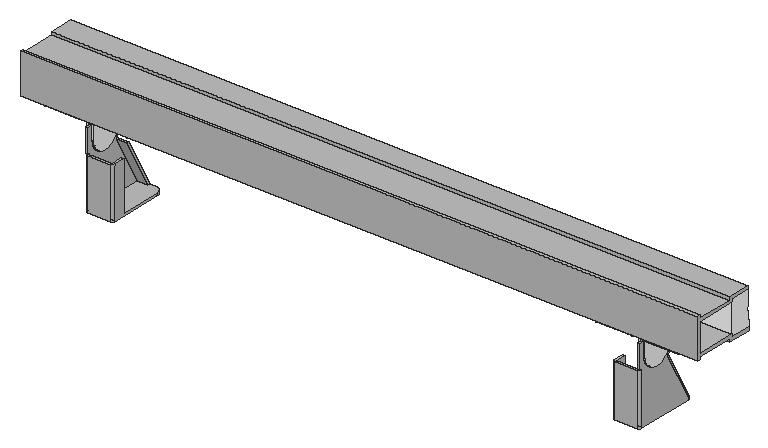
Revit family "4070751+4070746+4070771 Feilo Sylvania Lighting Fixture CURSUS 591MM 414LM OVAL LED 3K with CONTINUOUS WALL HOUSING with 70MM WALL BRACKET", category Lighting Fixtures, host Face, Revit 2017
Family settings
  Host = Face
  Round Connector Dimension = Use Diameter
  Part Type = Normal
  OmniClass Number = 23.80.70.14
  OmniClass Title = Luminaries for External Lighting
  Cut with Voids When Loaded = Yes
  Light Source = No
  Shared = No
  Room Calculation Point = No
Parameters (values of type "4070751 CURSUS 591MM 414LM OVAL LED 3K")
  Weight = "1.2 kg"
  Wattage Comments = "n/a"
  WarrantyStartDate [instance] = "n/a"
  WarrantyGuarantorParts = "n/a"
  WarrantyDurationUnit = "n/a"
  WarrantyDurationParts = "n/a"
  WarrantyDescription = "n/a"
  Voltage = 24 V
  URL = "http://www.sylvania-lighting.com"
  TypeName = "CURSUS 591MM 414LM OVAL LED 3K"
  TypeFixture_FEILO = CURSUS with CONTINUOUS WALL HOUSING : CURSUS 591MM 414LM OVAL LED 3K
  Type Image = <None>
  Type Comments = "n/a"
  TiltAngle [instance] = 0.00°
  StartAngle [instance] = TiltAngle + 270.00°  # 270.00°
  SerialNumber [instance] = "n/a"
  ReflectorMaterial = none
  PowerFactor = 0
  PowerConsumption = "9 W"
  NominalLength = 591 mm
  NominalHeight = 50 mm
  NominalDepth = 30 mm
  Name = "CURSUS 591MM 414LM OVAL LED 3K"
  ModelReference = Name  # "CURSUS 591MM 414LM OVAL LED 3K"
  ModelNumber = "4070751"
  Model = Name  # "CURSUS 591MM 414LM OVAL LED 3K"
  Material = "natural anodised extruded aluminium structure housing, optical system with pmma lenses diffuser"
  ManufacturerName = "Feilo Sylvania"
  Manufacturer = "Feilo Sylvania"
  LuminousEfficacy = "46 lm/W"
  LuminaireType = ""
  LightOutputRatio = "100"
  LampsType = Lamp  # "LED"
  LampNominalLuminous = "414 lm"
  LampMacAdamStep = "n/a"
  LampColourTemperature = "3000 K"
  LampColourRenderingIndex = "80"
  Lamp = "LED"
  Keynote = "16500"
  InstallationDate [instance] = "n/a"
  InputVoltage = "24V DC"
  InputNominalFrequency = "n/a"
  IngressProtection = "IP67"
  ImpactProtectionIndex = "IK07"
  IfcExportType = "IfcLightFixtureType"
  IfcExportAs = "IfcLightFixtureType"
  ExpectedLife = 50000
  EndAngle [instance] = StartAngle - 180.00°  # 90.00°
  ElectricShockClassification = "Class III"
  DurationUnit = "hours"
  DocumentationLiterature = "http://www.sylvania-lighting.com/product/en-int/products/4070751"
  DimmingControlOptions = "n/a"
  DiffuserMaterial = Diffuser-Sylvania-Glow
  Description = "LED Exterior Lighting Recessed Surface Mounted Linear Fixture, Natural anodised extruded aluminium structure. Die-cast aluminium end caps. Installation kit with harmonic steel springs., 414 lm, 9W, 46lm/W, 3000K, CRI80+,non dimmable,IP67, IK07, (HxWxD) 591x50x30mm, 3 step Mac Adam Ellipse, 1.2kg,, Classe III, 21-25V-DC, energy class : A++, A+, A"
  Default Elevation = 1219.2 mm
  CreatedOn = "1/8/2018"
  CreatedBy = ""
  Cost = 0
  built-in parameter 1114216 [instance] = (empty or 0)
  ClassificationValue = "EF_70_80"
  ClassificationName = "Uniclass2015"
  BracketWidth = 24 mm
  BracketThickness = 2 mm
  BracketHeightEnd = 32 mm
  BracketHeight = 55 mm
  BracketFlange = BracketHeight / 5  # 11 mm
  BracketExtension = 70 mm
  BracketEndReduction = 25 mm
  BracketC = 22 mm  # constant formula
  BracketDistance = 460 mm
  BracketD = BracketHeightEnd - (BracketC * (BracketHeight - BracketHeightEnd) / (BracketExtension - BracketEndReduction))  # 20.756 mm
  BodyMaterial = Body-Sylvania-Gray
  BarCode [instance] = "n/a"
  AssetType = "Fixed"
  AssetIdentifier [instance] = "n/a"
  Assembly Code = "D5020200"
  Apparent Load = 9 VA
  AccessoryMaterial = Diffuser-Sylvania-Glow
Reference planes
  plane 1 "Center (Front/Back)": y = 0
  plane 2: z = 0
  plane 3 "Center (Left/Right)": x = 0
  plane 4: x = -242
  plane 5: x = 242
  plane 6: y = 55
  plane 7: x = -218
  plane 8: x = 218
  plane 9: z = 70
  plane 10: z = 56
  plane 11: z = 2
  plane 12: z = 45
  plane 13: x = -240
  plane 14: y = 53
  plane 15: y = 2
  plane 16: x = -220
  plane 17: x = 220
  plane 18: x = 240
  plane 19: x = -230
  plane 20: x = 230
  plane 21: y = 11
  plane 22: y = 32
  plane 23: y = 30
  plane 24: z = 67
  plane 25: y = 20.756
  plane 26: y = 16
Forms (mm)
  Blend 1, solid, material "Body-Sylvania-Gray" <- "BodyMaterial"
    base sketch origin (1223.4, -4572, 2) x (0, -1, 0) y (1, 0, 0)
      loop
        line (-4625, -1453.4) -> (-4627, -1453.4) -> (-4627, -1463.4)
        arc (-4627, -1463.4) -> (-4626.414, -1464.814) -> (-4625, -1465.4) r 2
        line (-4625, -1465.4) -> (-4574, -1465.4)
        arc (-4574, -1465.4) -> (-4572.586, -1464.814) -> (-4572, -1463.4) r 2
        line (-4572, -1463.4) -> (-4572, -1443.4)
        arc (-4572, -1443.4) -> (-4572.586, -1441.986) -> (-4574, -1441.4) r 2
        line (-4574, -1441.4) -> (-4583, -1441.4) -> (-4583, -1443.4) -> (-4574, -1443.4) -> (-4574, -1463.4) -> (-4625, -1463.4) -> (-4625, -1453.4)
    top sketch origin (1223.4, -4572, 2) x (0, -1, 0) y (1, 0, 0)
      loop
        line (-4583, -1443.4) -> (-4574, -1443.4) -> (-4574, -1463.4) -> (-4602, -1463.4) -> (-4602, -1453.4) -> (-4604, -1453.4) -> (-4604, -1463.4)
        arc (-4604, -1463.4) -> (-4603.52, -1464.71) -> (-4602.309, -1465.4) r 2.028
        line (-4602.309, -1465.4) -> (-4574, -1465.4)
        arc (-4574, -1465.4) -> (-4572.586, -1464.814) -> (-4572, -1463.4) r 2
        line (-4572, -1463.4) -> (-4572, -1443.4)
        arc (-4572, -1443.4) -> (-4572.586, -1441.986) -> (-4574, -1441.4) r 2
        line (-4574, -1441.4) -> (-4583, -1441.4) -> (-4583, -1443.4)
    from 0 to 43
  Extrusion 2, solid, material "Body-Sylvania-Gray" <- "BodyMaterial"
    sketch origin (0, 0, 0) x (1, 0, 0) y (0, 1, 0)
      loop
        arc (-240, 55) -> (-241.414, 54.414) -> (-242, 53) r 2
        line (-242, 53) -> (-242, 2)
        arc (-242, 2) -> (-241.414, 0.586) -> (-240, 0) r 2
        line (-240, 0) -> (-220, 0)
        arc (-220, 0) -> (-218.586, 0.586) -> (-218, 2) r 2
        line (-218, 2) -> (-218, 47.5)
        arc (-218, 47.5) -> (-220.197, 52.803) -> (-225.5, 55) r 7.5
        line (-225.5, 55) -> (-240, 55)
      loop
        line (240, 55) -> (225.5, 55)
        arc (225.5, 55) -> (220.197, 52.803) -> (218, 47.5) r 7.5
        line (218, 47.5) -> (218, 2)
        arc (218, 2) -> (218.586, 0.586) -> (220, 0) r 2
        line (220, 0) -> (240, 0)
        arc (240, 0) -> (241.414, 0.586) -> (242, 2) r 2
        line (242, 2) -> (242, 53)
        arc (242, 53) -> (241.414, 54.414) -> (240, 55) r 2
    from 0 to 2
  Blend 3, solid, material "Body-Sylvania-Gray" <- "BodyMaterial"
    base sketch origin (1223.4, -4572, 2) x (0, -1, 0) y (1, 0, 0)
      loop
        line (-4625, -983.4) -> (-4574, -983.4) -> (-4574, -1003.4) -> (-4583, -1003.4) -> (-4583, -1005.4) -> (-4574, -1005.4)
        arc (-4574, -1005.4) -> (-4572.586, -1004.814) -> (-4572, -1003.4) r 2
        line (-4572, -1003.4) -> (-4572, -983.4)
        arc (-4572, -983.4) -> (-4572.586, -981.986) -> (-4574, -981.4) r 2
        line (-4574, -981.4) -> (-4625, -981.4)
        arc (-4625, -981.4) -> (-4626.414, -981.986) -> (-4627, -983.4) r 2
        line (-4627, -983.4) -> (-4627, -993.4) -> (-4625, -993.4) -> (-4625, -983.4)
    top sketch origin (1223.4, -4572, 2) x (0, -1, 0) y (1, 0, 0)
      loop
        line (-4602, -993.4) -> (-4602, -983.4) -> (-4574, -983.4) -> (-4574, -1003.4) -> (-4583, -1003.4) -> (-4583, -1005.4) -> (-4574, -1005.4)
        arc (-4574, -1005.4) -> (-4572.586, -1004.814) -> (-4572, -1003.4) r 2
        line (-4572, -1003.4) -> (-4572, -983.4)
        arc (-4572, -983.4) -> (-4572.586, -981.986) -> (-4574, -981.4) r 2
        line (-4574, -981.4) -> (-4602, -981.4)
        arc (-4602, -981.4) -> (-4603.414, -981.986) -> (-4604, -983.4) r 2
        line (-4604, -983.4) -> (-4604, -993.4) -> (-4602, -993.4)
    from 0 to 43
  Blend 4, solid, material "Body-Sylvania-Gray" <- "BodyMaterial"
    base sketch origin (1223.4, -4572, 45) x (0, -1, 0) y (1, 0, 0)
      loop
        line (-4604, -1465.4) -> (-4572, -1465.4) -> (-4572, -1463.4) -> (-4604, -1463.4) -> (-4604, -1465.4)
    top sketch origin (1223.4, -4572, 45) x (0, -1, 0) y (1, 0, 0)
      loop
        line (-4572, -1465.4) -> (-4572, -1463.4) -> (-4592.756, -1463.4) -> (-4592.756, -1465.4) -> (-4572, -1465.4)
    from 0 to 22
  Blend 5, solid, material "Body-Sylvania-Gray" <- "BodyMaterial"
    base sketch origin (1223.4, -4572, 45) x (0, -1, 0) y (1, 0, 0)
      loop
        line (-4604, -983.4) -> (-4572, -983.4) -> (-4572, -981.4) -> (-4604, -981.4) -> (-4604, -983.4)
    top sketch origin (1223.4, -4572, 45) x (0, -1, 0) y (1, 0, 0)
      loop
        line (-4572, -981.4) -> (-4592.756, -981.4) -> (-4592.756, -983.4) -> (-4572, -983.4) -> (-4572, -981.4)
    from 0 to 22
  Extrusion 6, void
    sketch origin (0, 0, 0) x (0, 1, 0) y (0, 0, 1)
      loop
        line (0, 45) -> (2, 45) -> (2, 46.5) -> (0, 46.5) -> (0, 45)
      loop
        line (32, 45) -> (32, 46.5) -> (30, 46.5) -> (30, 45) -> (32, 45)
    from -242 to 242
  Revolve 7, solid, not visible
    sketch origin (1524, 16, 1219.2) x (1, 0, 0) y (0, 0, 1)
      loop
        line (-1524, -1152.2) -> (-1524, -1163.2) -> (-1294, -1163.2) -> (-1294, -1152.2) -> (-1524, -1152.2)
      axis (-1294, -1163.2) -> (-1524, -1163.2)
    angle from 270 <- "StartAngle" to 90 <- "EndAngle"
Cuts and joins
  Extrusion 6 cuts Blend 4
  Extrusion 6 cuts Blend 5
  joined: Blend 1, Extrusion 2, Blend 3, Blend 4, Blend 5
Lines and regions (mm)
  reference lines, not visible
    curve 1: line (-218, 16, 56) -> (218, 16, 56)
Dimensions and locks
  equal spacing: plane 4, plane 3 "Center (Left/Right)", plane 5
  "BracketDistance": plane 19 to plane 20
  "BracketHeight": plane 1 "Center (Front/Back)" to plane 6
  equal spacing: plane 7, plane 3 "Center (Left/Right)", plane 8
  "BracketWidth": plane 4 to plane 7
  "BracketExtension": plane 9 to plane 2
  "BracketThickness": plane 11 to plane 2
  "BracketEndReduction": plane 9 to plane 12
  equal spacing: plane 13, plane 3 "Center (Left/Right)", plane 18
  equal spacing: plane 16, plane 3 "Center (Left/Right)", plane 17
  "BracketThickness": plane 4 to plane 13
  "BracketThickness": plane 16 to plane 7
  "BracketThickness": plane 14 to plane 6
  "BracketThickness": plane 1 "Center (Front/Back)" to plane 15
  equal spacing: plane 4, plane 19, plane 7
  equal spacing: plane 8, plane 20, plane 5
  "BracketFlange": plane 1 "Center (Front/Back)" to plane 21
  "BracketHeightEnd": plane 1 "Center (Front/Back)" to plane 22
  "BracketThickness": plane 23 to plane 22
  locked: Extrusion 2 sketch curve to plane 7 at 7.5
  locked: Extrusion 2 sketch curve to plane 6 at 7.5  (x2)
  locked: plane 8 to Extrusion 2 sketch curve at 7.5
  "BracketC": plane 24 to plane 12
  "BracketD": plane 1 "Center (Front/Back)" to plane 25
  locked: plane 12 to Extrusion 6 sketch curve at 1.5
  equal spacing: plane 24, plane 10, plane 12
  equal spacing: plane 1 "Center (Front/Back)", plane 26, plane 22
  aligned and locked: plane 2 to host face
  aligned and locked: level to host face
  aligned and locked: plane 4 to Blend 1 sketch curve  (x2)
  aligned and locked: plane 13 to Blend 1 sketch curve  (x3)
  aligned and locked: Blend 1 sketch curve to plane 15
  aligned and locked: Blend 1 sketch curve to plane 16
  aligned and locked: Blend 1 sketch curve to plane 21
  aligned and locked: plane 7 to Blend 1 sketch curve
  aligned and locked: plane 16 to Blend 1 sketch curve
  aligned and locked: plane 1 "Center (Front/Back)" to Blend 1 sketch curve
  aligned and locked: plane 14 to Blend 1 sketch curve
  aligned and locked: Blend 1 sketch curve to var sketch  (x6)
  aligned and locked: Blend 1 sketch curve to plane 19
  aligned and locked: Blend 1 sketch curve to plane 22
  aligned and locked: plane 23 to Blend 1 sketch curve
  aligned and locked: plane 11 to Blend 1
  aligned and locked: Extrusion 2 sketch curve to Blend 1  (x3)
  aligned and locked: Extrusion 2 to level
  aligned and locked: Extrusion 2 to plane 11
  aligned and locked: Extrusion 2 sketch curve to plane 7
  aligned and locked: plane 18 to Blend 3 sketch curve  (x4)
  aligned and locked: plane 14 to Blend 3 sketch curve  (x2)
  aligned and locked: Blend 3 sketch curve to plane 20
  aligned and locked: Blend 3 sketch curve to plane 6
  aligned and locked: plane 5 to Blend 3 sketch curve
  aligned and locked: plane 1 "Center (Front/Back)" to Blend 3 sketch curve
  aligned and locked: plane 15 to Blend 3 sketch curve  (x2)
  aligned and locked: Blend 3 sketch curve to plane 8
  aligned and locked: Blend 3 sketch curve to plane 21
  aligned and locked: plane 17 to Blend 3 sketch curve
  aligned and locked: Blend 3 sketch curve to plane 18
  aligned and locked: plane 20 to Blend 3 sketch curve  (x2)
  aligned and locked: Blend 3 sketch curve to plane 23
  aligned and locked: Blend 3 sketch curve to var sketch  (x8)
  aligned and locked: var sketch to Blend 3 sketch curve
  aligned and locked: plane 22 to Blend 3 sketch curve
  aligned and locked: plane 11 to Blend 3
  aligned and locked: Extrusion 2 sketch curve to Blend 3  (x4)
  aligned and locked: Blend 1 to plane 12
  aligned and locked: Blend 3 to plane 12
  aligned and locked: Blend 4 sketch curve to plane 22
  aligned and locked: Blend 4 sketch curve to cut or joined group of Blend 1, Extrusion 2, Blend 3, Blend 4, Blend 5, Extrusion 6  (x2)
  aligned and locked: cut or joined group of Blend 1, Extrusion 2, Blend 3, Blend 4, Blend 5, Extrusion 6 to Blend 4 sketch curve
  aligned and locked: Blend 4 sketch curve to var sketch  (x2)
  aligned and locked: Blend 4 sketch curve to plane 13
  aligned and locked: Blend 4 to plane 24
  aligned and locked: Blend 4 sketch curve to plane 25
  aligned and locked: Blend 5 sketch curve to plane 18  (x2)
  aligned and locked: plane 1 "Center (Front/Back)" to Blend 5 sketch curve
  aligned and locked: plane 5 to Blend 5 sketch curve
  aligned and locked: plane 22 to Blend 5 sketch curve
  aligned and locked: Blend 5 sketch curve to var sketch
  aligned and locked: var sketch to Blend 5 sketch curve
  aligned and locked: Blend 5 sketch curve to plane 25
  aligned and locked: Blend 5 to plane 24
  aligned and locked: plane 12 to Blend 5
  aligned and locked: Extrusion 6 sketch curve to cut or joined group of Blend 1, Extrusion 2, Blend 3, Blend 4, Blend 5, Extrusion 6  (x2)
  aligned and locked: Extrusion 6 sketch curve to Extrusion 6 sketch curve
  aligned and locked: Extrusion 6 sketch curve to plane 15
  aligned and locked: plane 5 to Extrusion 6
  aligned and locked: Extrusion 6 to plane 4
  aligned and locked: Extrusion 6 sketch curve to plane 23
  aligned and locked: Revolve 7 sketch curve to plane 10  (x2)
  aligned and locked: plane 24 to Revolve 7 sketch curve
  aligned and locked: plane 3 "Center (Left/Right)" to Revolve 7 sketch curve
  aligned and locked: Revolve 7 sketch curve to plane 20
  aligned and locked: plane 7 to curve 1
  aligned and locked: plane 10 to curve 1
  aligned and locked: nested 1 to plane 5
  aligned and locked: nested 2 to plane 4
  aligned and locked: nested 1 to curve 1
  aligned and locked: nested 2 to curve 1
  aligned and locked: nested 1 to nested 3
  aligned and locked: nested 3 to plane 3 "Center (Left/Right)"
Automatic sketch dimensions
  host sketch curve to host sketch curve = 2438.4 mm  (x2)
  Blend 1 sketch curve to plane 13 = 0 mm
  plane 15 to Blend 1 sketch curve = 0 mm  (x3)
  Blend 1 sketch curve to plane 23 = 0.309 mm
  plane 6 to Blend 1 sketch curve = 0 mm
  plane 14 to Blend 1 sketch curve = 0 mm
  Blend 1 sketch curve to plane 19 = 0 mm
  Blend 3 sketch curve to plane 17 = 0 mm
  Extrusion 6 sketch curve to plane 1 "Center (Front/Back)" = 0 mm
  plane 12 to Extrusion 6 sketch curve = 0 mm
  Revolve 7 sketch curve to plane 4 = 1153 mm
  plane 5 to Revolve 7 sketch curve = 1161.4 mm
  curve 1 to plane 8 = 0 mm
Nested families
  nested 1: "MountingPlate" at (241, 16, 56) x (-1, 0, 0) z (0, 0, 1), type "MountingPlate"
  nested 2: "MountingPlate" at (-241, 16, 56) x (-1, 0, 0) z (0, 0, 1), type "MountingPlate"
  nested 3: "CURSUS with CONTINUOUS WALL HOUSING" at (0, -4, 74) x (-1, 0, 0) z (0, 0, 1), type <- "TypeFixture_FEILO", type "CURSUS 591MM 414LM OVAL LED 3K"
    with WarrantyStartDate "n/a", SerialNumber "n/a", InstallationDate "n/a", EndCapRight no, EndCapLeft no, built-in parameter 1114216 (empty or 0), BarCode "n/a", AssetIdentifier "n/a"
Connectors
  electrical at (0, 0, 0), driven by "Voltage", driven by "Apparent Load", driven by "PowerFactor", driven by "Apparent Load"
    settings: index 1, voltage 24 V, apparent load 9 VA, apparent load phase1 9 VA, apparent load phase2 0 VA, apparent load phase3 0 VA, power factor 0, load classification "Other", number of poles 1, system type 30, power factor state 1, is connector primary yes, connector utility no, sub classification motor no, connector description ""
Definition of nested family "MountingPlate"
  Parameters (values of type "MountingPlate")
    URL = "http://www.feilosylvania.com"
    Type Comments = "n/a"
    ReflectorMaterial = none
    MountingPlateWidth = 76 mm
    MountingPlateThickness = 2 mm
    MountingPlateRadiusBack = 12 mm
    MountingPlateRadius = 3 mm
    MountingPlateHeight = 35 mm
    Model = "n/a"
    Manufacturer = "Feilo Sylvania"
    Keynote = "n/a"
    DiffuserMaterial = none
    Description = "n/a"
    Default Elevation = 1219.2 mm
    Cost = 0
    BodyMaterial = none
    Assembly Code = "n/a"
    AccessoryMaterial = none
  Reference planes
    plane 1 "Center (Front/Back)": y = 0
    plane 2: z = 0
    plane 3 "Center (Left/Right)": x = 0
    plane 4: x = -38
    plane 5: x = 38
    plane 6: y = 17.5
    plane 7: y = -17.5
    plane 8: x = -3
    plane 9: x = 3
    plane 10: z = 18
    plane 11: z = 16
    plane 12: y = 12.5
    plane 13: y = -12.5
    plane 14: x = -1
    plane 15: x = 1
    plane 16: z = -12.5
    plane 17: z = -14.5
  Forms (mm)
    Extrusion 1, solid
      sketch origin (1.653, 0, 0) x (1, 0, 0) y (0, 1, 0)
        loop
          line (-1219.2, 1219.2) -> (-1219.2, -1219.2) -> (1219.2, -1219.2) -> (1219.2, 1219.2) -> (-1219.2, 1219.2)
      from 0 to -304.8
    Extrusion 2, solid, material <- "BodyMaterial"
      sketch origin (1218.4, -4572, 16) x (0, -1, 0) y (-1, 0, 0)
        loop
          line (-4589.5, 1253.4) -> (-4589.5, 1224.4)
          arc (-4589.5, 1224.4) -> (-4588.621, 1222.279) -> (-4586.5, 1221.4) r 3
          line (-4586.5, 1221.4) -> (-4557.5, 1221.4)
          arc (-4557.5, 1221.4) -> (-4555.379, 1222.279) -> (-4554.5, 1224.4) r 3
          line (-4554.5, 1224.4) -> (-4554.5, 1253.4)
          arc (-4554.5, 1253.4) -> (-4555.379, 1255.521) -> (-4557.5, 1256.4) r 3
          line (-4557.5, 1256.4) -> (-4586.5, 1256.4)
          arc (-4586.5, 1256.4) -> (-4588.621, 1255.521) -> (-4589.5, 1253.4) r 3
        loop
          arc (-4589.5, 1183.4) -> (-4588.621, 1181.279) -> (-4586.5, 1180.4) r 3
          line (-4586.5, 1180.4) -> (-4557.5, 1180.4)
          arc (-4557.5, 1180.4) -> (-4555.379, 1181.279) -> (-4554.5, 1183.4) r 3
          line (-4554.5, 1183.4) -> (-4554.5, 1212.4)
          arc (-4554.5, 1212.4) -> (-4555.379, 1214.521) -> (-4557.5, 1215.4) r 3
          line (-4557.5, 1215.4) -> (-4586.5, 1215.4)
          arc (-4586.5, 1215.4) -> (-4588.621, 1214.521) -> (-4589.5, 1212.4) r 3
          line (-4589.5, 1212.4) -> (-4589.5, 1183.4)
      from 0 to -2
    Extrusion 3, solid, material <- "BodyMaterial"
      sketch origin (0, 0, 0) x (1, 0, 0) y (0, 0, 1)
        loop
          line (-3, 18) -> (-3, -12.5) -> (-1, -12.5) -> (-1, 16)
          arc (-1, 16) -> (-1.586, 17.414) -> (-3, 18) r 2
        loop
          line (3, -12.5) -> (3, 18)
          arc (3, 18) -> (1.586, 17.414) -> (1, 16) r 2
          line (1, 16) -> (1, -12.5) -> (3, -12.5)
      from -12.5 to 12.5
    Extrusion 4, void
      sketch origin (0, 0, 0) x (0, 1, 0) y (0, 0, 1)
        loop
          line (-12.5, -0.5) -> (-17.5, -0.5) -> (-17.5, -14.5) -> (-0.5, -14.5) -> (-0.5, -12.5)
          arc (-0.5, -12.5) -> (-8.985, -8.985) -> (-12.5, -0.5) r 12
        loop
          line (0.5, -12.5) -> (0.5, -14.5) -> (17.5, -14.5) -> (17.5, -0.5) -> (12.5, -0.5)
          arc (12.5, -0.5) -> (8.985, -8.985) -> (0.5, -12.5) r 12
      from -3 to 3
  Cuts and joins
    Extrusion 4 cuts Extrusion 2
    Extrusion 4 cuts Extrusion 3
    joined: Extrusion 2, Extrusion 3
  Lines and regions (mm)
    reference lines
      curve 1: line (-38, 0, 0) -> (38, 0, 0)
  Dimensions and locks
    equal spacing: plane 4, plane 3 "Center (Left/Right)", plane 5
    "MountingPlateWidth": plane 4 to plane 5
    equal spacing: plane 7, plane 1 "Center (Front/Back)", plane 6
    "MountingPlateHeight": plane 7 to plane 6
    equal spacing: plane 8, plane 3 "Center (Left/Right)", plane 9
    "MountingPlateHeight": plane 4 to plane 8
    locked: plane 10 to plane 2 at 18
    "MountingPlateThickness": plane 10 to plane 11
    equal spacing: plane 13, plane 1 "Center (Front/Back)", plane 12
    locked: plane 13 to plane 12 at 25
    "MountingPlateRadius": plane 4 to Extrusion 2 sketch curve  (x2)
    "MountingPlateRadius": Extrusion 2 sketch curve to plane 6  (x4)
    "MountingPlateRadius": Extrusion 2 sketch curve to plane 8  (x2)
    "MountingPlateRadius": plane 7 to Extrusion 2 sketch curve  (x4)
    "MountingPlateRadius": plane 9 to Extrusion 2 sketch curve  (x2)
    "MountingPlateRadius": Extrusion 2 sketch curve to plane 5  (x2)
    equal spacing: plane 15, plane 3 "Center (Left/Right)", plane 14
    "MountingPlateThickness": plane 14 to plane 8
    locked: plane 2 to plane 16 at 12.5
    locked: plane 17 to plane 16 at 2
    "MountingPlateRadiusBack": plane 13 to Extrusion 4 sketch curve
    "MountingPlateRadiusBack": plane 16 to Extrusion 4 sketch curve  (x2)
    "MountingPlateRadiusBack": Extrusion 4 sketch curve to plane 12
    aligned and locked: plane 2 to Extrusion 1
    aligned and locked: level to Extrusion 1
    aligned and locked: Extrusion 2 sketch curve to plane 6
    aligned and locked: Extrusion 2 sketch curve to plane 4
    aligned and locked: plane 7 to Extrusion 2 sketch curve
    aligned and locked: plane 8 to Extrusion 2 sketch curve
    aligned and locked: plane 6 to Extrusion 2 sketch curve
    aligned and locked: Extrusion 2 sketch curve to plane 5
    aligned and locked: Extrusion 2 sketch curve to plane 7
    aligned and locked: plane 9 to Extrusion 2 sketch curve
    aligned and locked: Extrusion 2 to plane 10
    aligned and locked: plane 11 to Extrusion 2
    aligned and locked: Extrusion 3 sketch curve to Extrusion 2  (x2)
    aligned and locked: plane 16 to Extrusion 3 sketch curve  (x2)
    aligned and locked: plane 14 to Extrusion 3 sketch curve
    aligned and locked: plane 9 to Extrusion 3 sketch curve
    aligned and locked: plane 15 to Extrusion 3 sketch curve
    aligned and locked: Extrusion 3 to plane 12
    aligned and locked: plane 13 to Extrusion 3
    aligned and locked: plane 17 to Extrusion 4 sketch curve  (x2)
    aligned and locked: Extrusion 4 sketch curve to plane 7
    aligned and locked: Extrusion 4 sketch curve to plane 6
    aligned and locked: plane 9 to Extrusion 4
    aligned and locked: Extrusion 4 to plane 8
    aligned and locked: plane 4 to curve 1
    aligned and locked: curve 1 to level
  Automatic sketch dimensions
    Extrusion 1 sketch curve to Extrusion 1 sketch curve = 2438.4 mm  (x2)
    Extrusion 3 sketch curve to plane 11 = 0 mm
    curve 1 to plane 5 = 0 mm
    Extrusion 4 sketch curve to plane 13 = 0 mm
    Extrusion 4 sketch curve to plane 12 = 0 mm
Definition of nested family "CURSUS with CONTINUOUS WALL HOUSING"
  Parameters (values of type "CURSUS 1161MM 827LM OVAL LED 3K")
    Width_FEILO = 35 mm
    Weight = "2.2 kg"
    Wattage Comments = "n/a"
    Wattage = 18 W
    WarrantyStartDate [instance] = "n/a"
    WarrantyGuarantorParts = "n/a"
    WarrantyDurationUnit = "n/a"
    WarrantyDurationParts = "n/a"
    WarrantyDescription = "n/a"
    WallThickness_FEILO = 2.5 mm
    built-in parameter 1150110 = 1 (stored number, unit not read)
    Voltage = 24 V
    URL = "http://www.feilosylvania.com"
    TypeName = "CURSUS 1161MM 827LM OVAL LED 3K"
    Type Image = (empty or 0)
    Type Comments = "n/a"
    built-in parameter 1114217 = 1 (stored number, unit not read)
    Tilt Angle = -90.00°
    built-in parameter 1150109 = 1 (stored number, unit not read)
    built-in parameter 1150134 = (empty or 0)
    built-in parameter 1150113 = 1 (stored number, unit not read)
    SerialNumber [instance] = "n/a"
    ReflectorMaterial = none
    PowerFactor = 0
    PowerConsumption = "18 W"
    Photometric Web File = "4070765.ies"
    NominalLength = 1161 mm
    NominalHeight = 50 mm
    NominalDepth = 30 mm
    Name = "CURSUS 1161MM 827LM OVAL LED 3K"
    ModelReference = Name  # "CURSUS 1161MM 827LM OVAL LED 3K"
    ModelNumber = ""
    Model = Name  # "CURSUS 1161MM 827LM OVAL LED 3K"
    Material = "natural anodised extruded aluminium structure housing, optical system with pmma lenses diffuser"
    ManufacturerName = "Feilo Sylvania"
    Manufacturer = "Feilo Sylvania"
    LuminousEfficacy = "45.94 lm/W"
    built-in parameter 1150105 = 65.811 (stored number, unit not read)
    Lumens = 827 lm
    LuminaireType = ""
    built-in parameter 1150115 = 1 (stored number, unit not read)
    LightOutputRatio = "100"
    built-in parameter 1150137 = (empty or 0)
    built-in parameter 1150139 = (empty or 0)
    Length_FEILO = 1167 mm
    LampsType = Lamp  # "LED"
    LampNominalLuminous = "827 lm"
    LampMacAdamStep = "n/a"
    LampColourTemperature = "3000 K"
    LampColourRenderingIndex = "80"
    built-in parameter 1150112 = 1 (stored number, unit not read)
    built-in parameter 1150114 = 1 (stored number, unit not read)
    Lamp = "LED"
    Keynote = "16500"
    InstallationDate [instance] = "n/a"
    InputVoltage = "24V DC"
    InputNominalFrequency = "n/a"
    built-in parameter 1150132 = (empty or 0)
    built-in parameter 1150102 = (empty or 0)
    built-in parameter 1150107 = 3000 (stored number, unit not read)
    built-in parameter 1150138 = (empty or 0)
    IngressProtection = "IP67"
    ImpactProtectionIndex = "IK07"
    built-in parameter 1150106 = 0.65811 (stored number, unit not read)
    IfcExportType = "IfcLightFixtureType"
    IfcExportAs = "IfcLightFixtureType"
    ExpectedLife = 50000
    EndCapRight [instance] = no
    EndCapLeft [instance] = no
    Emit from Rectangle Width = Width_FEILO - WallThickness_FEILO * 2  # 30 mm
    Emit from Rectangle Length = Length_FEILO - WallThickness_FEILO * 2  # 1162 mm
    Emit Shape Visible in Rendering = no
    ElectricShockClassification = "Class III"
    built-in parameter 1150104 = 4.2684 (stored number, unit not read)
    DurationUnit = "hours"
    DocumentationLiterature = "http://www.feilosylvania.com/product/en-int/products/4070765"
    DimmingControlOptions = "n/a"
    Dimming Lamp Color Temperature Shift = (empty or 0)
    DiffuserMaterial = none
    Description = "LED Exterior Lighting Recessed Surface Mounted Linear Fixture, Natural anodised extruded aluminium structure. Die-cast aluminium end caps. Installation kit with harmonic steel springs., 827 lm, 18W, 45lm/W, 3000K, CRI80+,non dimmable,IP67, IK07, (HxWxD) 1161x50x30mm, 3 step Mac Adam Ellipse, 2.2kg,, Classe III, 21-25V-DC, energy class : A++, A+, A"
    Default Elevation = 1219.2 mm
    CreatedOn = "1/8/2018"
    CreatedBy = "aron.fodor@feilosylvania.com"
    Cost = 0
    Color Filter = 16777215
    built-in parameter 1114216 [instance] = (empty or 0)
    ClassificationValue = "EF_70_80"
    ClassificationName = "Uniclass2015"
    BodyMaterial = none
    BarCode [instance] = "n/a"
    built-in parameter 1114218 = 1 (stored number, unit not read)
    built-in parameter 1150133 = 10 (stored number, unit not read)
    AssetType = "Fixed"
    AssetIdentifier [instance] = "n/a"
    Assembly Code = "D5020200"
    Apparent Load = 18 VA
    AccessoryMaterial = none
  Types (16, lengths in mm): name | Weight | Wattage | Voltage | TypeName | built-in parameter 1150134 | PowerConsumption | Photometric Web File | NominalLength | Name | ModelReference | Model | Material | LuminousEfficacy | built-in parameter 1150105 | Lumens | Length_FEILO | LampNominalLuminous | LampColourTemperature | InputVoltage | InputNominalFrequency | built-in parameter 1150107 | built-in parameter 1150106 | Emit from Rectangle Length | built-in parameter 1150104 | DocumentationLiterature | Description | Apparent Load
    CURSUS 1161MM 827LM OVAL LED 3K | "2.2 kg" | 18 W | 24 V | "CURSUS 1161MM 827LM OVAL LED 3K" | (empty or 0) | "18 W" | "4070765.ies" | 1161 | "CURSUS 1161MM 827LM OVAL LED 3K" | "CURSUS 1161MM 827LM OVAL LED 3K" | "CURSUS 1161MM 827LM OVAL LED 3K" | "natural anodised extruded aluminium structure housing, optical system with pmma lenses diffuser" | "45.94 lm/W" | 65.811 (stored number, unit not read) | 827 lm | 1167 | "827 lm" | "3000 K" | "24V DC" | "n/a" | 3000 (stored number, unit not read) | 0.65811 (stored number, unit not read) | 1162 | 4.2684 (stored number, unit not read) | "http://www.feilosylvania.com/product/en-int/products/4070765" | "LED Exterior Lighting Recessed Surface Mounted Linear Fixture, Natural anodised extruded aluminium structure. Die-cast aluminium end caps. Installation kit with harmonic steel springs., 827 lm, 18W, 45lm/W, 3000K, CRI80+,non dimmable,IP67, IK07, (HxWxD) 1161x50x30mm, 3 step Mac Adam Ellipse, 2.2kg,, Classe III, 21-25V-DC, energy class : A++, A+, A" | 18 VA
    CURSUS 1161MM 731LM WIDE LED 3K | "2.2 kg" | 18 W | 230 V | "CURSUS 1161MM 731LM WIDE LED 3K" | (empty or 0) | "18 W" | "4070764.ies" | 1161 | "CURSUS 1161MM 731LM WIDE LED 3K" | "CURSUS 1161MM 731LM WIDE LED 3K" | "CURSUS 1161MM 731LM WIDE LED 3K" | "natural anodised extruded aluminium structure housing" | "40.61 lm/W" | 58.171 (stored number, unit not read) | 731 lm | 1167 | "731 lm" | "3000 K" | "220-240V~" | "n/a" | 3000 (stored number, unit not read) | 0.58171 (stored number, unit not read) | 1162 | 3.7729 (stored number, unit not read) | "http://www.feilosylvania.com/product/en-int/products/4070764" | "LED Exterior Lighting Recessed Surface Mounted Linear Fixture, Natural anodised extruded aluminium structure. Die-cast aluminium end caps. Installation kit with harmonic steel springs., 731 lm, 18W, 40lm/W, 3000K, CRI80+,non dimmable,IP67, IK07, (HxWxD) 1161x50x30mm, 3 step Mac Adam Ellipse, 2.2kg,, Classe III, 21-25V-DC, energy class : A++, A+, A" | 18 VA
    CURSUS 1161MM 871LM OVAL LED 4K | "2.2 kg" | 18 W | 24 V | "CURSUS 1161MM 871LM OVAL LED 4K" | 12 | "18 W" | "4070763.ies" | 1161 | "CURSUS 1161MM 871LM OVAL LED 4K" | "CURSUS 1161MM 871LM OVAL LED 4K" | "CURSUS 1161MM 871LM OVAL LED 4K" | "natural anodised extruded aluminium structure housing, optical system with pmma lenses diffuser" | "48.38 lm/W" | 69.312 (stored number, unit not read) | 871 lm | 1167 | "871 lm" | "4000 K" | "24V DC" | "50/60 Hz" | 4000 (stored number, unit not read) | 0.69312 (stored number, unit not read) | 1162 | 4.4955 (stored number, unit not read) | "http://www.feilosylvania.com/product/en-int/products/4070763" | "LED Exterior Lighting Recessed Surface Mounted Linear Fixture, Natural anodised extruded aluminium structure. Die-cast aluminium end caps. Installation kit with harmonic steel springs., 871 lm, 18W,  48lm/W, 4000K, CRI80+,non dimmable,IP67, IK07, (HxWxD) 1161x50x30mm, 3 step Mac Adam Ellipse, 2.2kg,, Classe III, 21-25V-DC, energy class : A++, A+, A" | 18 VA
    CURSUS 1161MM 770LM WIDE LED 4K | "2.2 kg" | 18 W | 230 V | "CURSUS 1161MM 770LM WIDE LED 4K" | 12 | "18 W" | "4070762.ies" | 1161 | "CURSUS 1161MM 770LM WIDE LED 4K" | "CURSUS 1161MM 770LM WIDE LED 4K" | "CURSUS 1161MM 770LM WIDE LED 4K" | "natural anodised extruded aluminium structure housing" | "42.77 lm/W" | 61.275 (stored number, unit not read) | 770 lm | 1167 | "770 lm" | "4000 K" | "220-240V~" | "n/a" | 4000 (stored number, unit not read) | 0.61275 (stored number, unit not read) | 1162 | 3.9742 (stored number, unit not read) | "http://www.feilosylvania.com/product/en-int/products/4070762" | "LED Exterior Lighting Recessed Surface Mounted Linear Fixture, Natural anodised extruded aluminium structure. Die-cast aluminium end caps. Installation kit with harmonic steel springs., 770 lm, 18W,  42lm/W, 4000K, CRI80+,non dimmable,IP67, IK07, (HxWxD) 1161x50x30mm, 3 step Mac Adam Ellipse, 2.2kg,, Classe III, 21-25V-DC, energy class : A++, A+, A" | 18 VA
    CURSUS 876MM 620LM OVAL LED 3K | "1.7 kg" | 13.5 W | 24 V | "CURSUS 876MM 620LM OVAL LED 3K" | (empty or 0) | "13.5 W" | "4070758.ies" | 876 | "CURSUS 876MM 620LM OVAL LED 3K" | "CURSUS 876MM 620LM OVAL LED 3K" | "CURSUS 876MM 620LM OVAL LED 3K" | "natural anodised extruded aluminium structure housing, optical system with pmma lenses diffuser" | "45.92 lm/W" | 49.338 (stored number, unit not read) | 620 lm | 882 | "620 lm" | "3000 K" | "24V DC" | "50/60 Hz" | 3000 (stored number, unit not read) | 0.49338 (stored number, unit not read) | 877 | 4.2667 (stored number, unit not read) | "http://www.feilosylvania.com/product/en-int/products/4070758" | "LED Exterior Lighting Recessed Surface Mounted Linear Fixture, Natural anodised extruded aluminium structure. Die-cast aluminium end caps. Installation kit with harmonic steel springs., 620 lm, 13,5W, 45lm/W, 3000K, CRI80+,non dimmable,IP67, IK07, (HxWxD) 876x50x30mm, 3 step Mac Adam Ellipse, 1.7kg,, Classe III, 21-25V-DC, energy class : A++, A+, A" | 13.5 VA
    CURSUS 876MM 548LM WIDE LED 3K | "1.7 kg" | 13.5 W | 24 V | "CURSUS 876MM 548LM WIDE LED 3K" | (empty or 0) | "13.5 W" | "4070757.ies" | 876 | "CURSUS 876MM 548LM WIDE LED 3K" | "CURSUS 876MM 548LM WIDE LED 3K" | "CURSUS 876MM 548LM WIDE LED 3K" | "natural anodised extruded aluminium structure housing" | "40.59 lm/W" | 43.608 (stored number, unit not read) | 548 lm | 882 | "548 lm" | "3000 K" | "24V DC" | "n/a" | 3000 (stored number, unit not read) | 0.43608 (stored number, unit not read) | 877 | 3.7712 (stored number, unit not read) | "http://www.feilosylvania.com/product/en-int/products/4070757" | "LED Exterior Lighting Recessed Surface Mounted Linear Fixture, Natural anodised extruded aluminium structure. Die-cast aluminium end caps. Installation kit with harmonic steel springs., 548 lm, 13,5W, 40lm/W, 3000K, CRI80+,non dimmable,IP67, IK07, (HxWxD) 876x50x30mm, 3 step Mac Adam Ellipse, 1.7kg,, Classe III, 21-25V-DC, energy class : A++, A+, A" | 13.5 VA
    CURSUS 876MM 653LM OVAL LED 4K | "1.7 kg" | 13.5 W | 24 V | "CURSUS 876MM 653LM OVAL LED 4K" | 12 | "13.5 W" | "4070756.ies" | 876 | "CURSUS 876MM 653LM OVAL LED 4K" | "CURSUS 876MM 653LM OVAL LED 4K" | "CURSUS 876MM 653LM OVAL LED 4K" | "natural anodised extruded aluminium structure housing, optical system with pmma lenses diffuser" | "48.37 lm/W" | 51.964 (stored number, unit not read) | 653 lm | 882 | "653 lm" | "4000 K" | "24V DC" | "n/a" | 4000 (stored number, unit not read) | 0.51964 (stored number, unit not read) | 877 | 4.4938 (stored number, unit not read) | "http://www.feilosylvania.com/product/en-int/products/4070756" | "LED Exterior Lighting Recessed Surface Mounted Linear Fixture, Natural anodised extruded aluminium structure. Die-cast aluminium end caps. Installation kit with harmonic steel springs., 653 lm, 13,5W,  48lm/W, 4000K, CRI80+,non dimmable,IP67, IK07, (HxWxD) 876x50x30mm, 3 step Mac Adam Ellipse, 1.7kg,, Classe III, 21-25V-DC, energy class : A++, A+, A" | 13.5 VA
    CURSUS 876MM 577LM WIDE LED 4K | "1.7 kg" | 13.5 W | 24 V | "CURSUS 876MM 577LM WIDE LED 4K" | 12 | "13.5 W" | "4070755.ies" | 876 | "CURSUS 876MM 577LM WIDE LED 4K" | "CURSUS 876MM 577LM WIDE LED 4K" | "CURSUS 876MM 577LM WIDE LED 4K" | "natural anodised extruded aluminium structure housing" | "42.74 lm/W" | 45.916 (stored number, unit not read) | 577 lm | 882 | "577 lm" | "4000 K" | "24V DC" | "n/a" | 4000 (stored number, unit not read) | 0.45916 (stored number, unit not read) | 877 | 3.9707 (stored number, unit not read) | "http://www.feilosylvania.com/product/en-int/products/4070755" | "LED Exterior Lighting Recessed Surface Mounted Linear Fixture, Natural anodised extruded aluminium structure. Die-cast aluminium end caps. Installation kit with harmonic steel springs., 577 lm, 13,5W,  42lm/W, 4000K, CRI80+,non dimmable,IP67, IK07, (HxWxD) 876x50x30mm, 3 step Mac Adam Ellipse, 1.7kg,, Classe III, 21-25V-DC, energy class : A++, A+, A" | 13.5 VA
    CURSUS 591MM 414LM OVAL LED 3K | "1.2 kg" | 9 W | 24 V | "CURSUS 591MM 414LM OVAL LED 3K" | (empty or 0) | "9 W" | "4070751.ies" | 591 | "CURSUS 591MM 414LM OVAL LED 3K" | "CURSUS 591MM 414LM OVAL LED 3K" | "CURSUS 591MM 414LM OVAL LED 3K" | "natural anodised extruded aluminium structure housing, optical system with pmma lenses diffuser" | "46 lm/W" | 32.945 (stored number, unit not read) | 414 lm | 597 | "414 lm" | "3000 K" | "24V DC" | "n/a" | 3000 (stored number, unit not read) | 0.32945 (stored number, unit not read) | 592 | 4.2735 (stored number, unit not read) | "http://www.feilosylvania.com/product/en-int/products/4070751" | "LED Exterior Lighting Recessed Surface Mounted Linear Fixture, Natural anodised extruded aluminium structure. Die-cast aluminium end caps. Installation kit with harmonic steel springs., 414 lm, 9W, 46lm/W, 3000K, CRI80+,non dimmable,IP67, IK07, (HxWxD) 591x50x30mm, 3 step Mac Adam Ellipse, 1.2kg,, Classe III, 21-25V-DC, energy class : A++, A+, A" | 9 VA
    CURSUS 591MM 365LM WIDE LED 3K | "1.2 kg" | 9 W | 24 V | "CURSUS 591MM 365LM WIDE LED 3K" | (empty or 0) | "9 W" | "4070750.ies" | 591 | "CURSUS 591MM 365LM WIDE LED 3K" | "CURSUS 591MM 365LM WIDE LED 3K" | "CURSUS 591MM 365LM WIDE LED 3K" | "natural anodised extruded aluminium structure housing" | "40.55 lm/W" | 29.046 (stored number, unit not read) | 365 lm | 597 | "365 lm" | "3000 K" | "24V DC" | "n/a" | 3000 (stored number, unit not read) | 0.29046 (stored number, unit not read) | 592 | 3.7677 (stored number, unit not read) | "http://www.feilosylvania.com/product/en-int/products/4070750" | "LED Exterior Lighting Recessed Surface Mounted Linear Fixture, Natural anodised extruded aluminium structure. Die-cast aluminium end caps. Installation kit with harmonic steel springs., 365 lm, 9W, 40lm/W, 3000K, CRI80+,non dimmable,IP67, IK07, (HxWxD) 591x50x30mm, 3 step Mac Adam Ellipse, 1.2kg,, Classe III, 21-25V-DC, energy class : A++, A+, A" | 9 VA
    CURSUS 591MM 435LM OVAL LED 4K | "1.2 kg" | 9 W | 24 V | "CURSUS 591MM 435LM OVAL LED 4K" | 12 | "9 W" | "4070749.ies" | 591 | "CURSUS 591MM 435LM OVAL LED 4K" | "CURSUS 591MM 435LM OVAL LED 4K" | "CURSUS 591MM 435LM OVAL LED 4K" | "natural anodised extruded aluminium structure housing, optical system with pmma lenses diffuser" | "48.33 lm/W" | 34.616 (stored number, unit not read) | 435 lm | 597 | "435 lm" | "4000 K" | "24V DC" | "n/a" | 4000 (stored number, unit not read) | 0.34616 (stored number, unit not read) | 592 | 4.4903 (stored number, unit not read) | "http://www.feilosylvania.com/product/en-int/products/4070749" | "LED Exterior Lighting Recessed Surface Mounted Linear Fixture, Natural anodised extruded aluminium structure. Die-cast aluminium end caps. Installation kit with harmonic steel springs., 435 lm, 9W, 48lm/W, 4000K, CRI80+,non dimmable,IP67, IK07, (HxWxD) 591x50x30mm, 3 step Mac Adam Ellipse, 1.2kg,, Classe III, 21-25V-DC, energy class : A++, A+, A" | 9 VA
    CURSUS 591MM 385LM WIDE LED 4K | "1.2 kg" | 9 W | 24 V | "CURSUS 591MM 385LM WIDE LED 4K" | 12 | "9 W" | "4070748.ies" | 591 | "CURSUS 591MM 385LM WIDE LED 4K" | "CURSUS 591MM 385LM WIDE LED 4K" | "CURSUS 591MM 385LM WIDE LED 4K" | "natural anodised extruded aluminium structure housing" | "42.77 lm/W" | 30.637 (stored number, unit not read) | 385 lm | 597 | "385 lm" | "4000 K" | "24V DC" | "n/a" | 4000 (stored number, unit not read) | 0.30637 (stored number, unit not read) | 592 | 3.9742 (stored number, unit not read) | "http://www.feilosylvania.com/product/en-int/products/4070748" | "LED Exterior Lighting Recessed Surface Mounted Linear Fixture, Natural anodised extruded aluminium structure. Die-cast aluminium end caps. Installation kit with harmonic steel springs., 385 lm, 9W,  42lm/W, 4000K, CRI80+,non dimmable,IP67, IK07, (HxWxD) 591x50x30mm, 3 step Mac Adam Ellipse, 1.2kg,, Classe III, 21-25V-DC, energy class : A++, A+, A" | 9 VA
    CURSUS 306MM 207LM OVAL LED3K | "0.6 kg" | 4.5 W | 24 V | "CURSUS 306MM 207LM OVAL LED3K" | (empty or 0) | "4.5 W" | "4070744.ies" | 306 | "CURSUS 306MM 207LM OVAL LED3K" | "CURSUS 306MM 207LM OVAL LED3K" | "CURSUS 306MM 207LM OVAL LED3K" | "natural anodised extruded aluminium structure housing, optical system with pmma lenses diffuser" | "46 lm/W" | 16.473 (stored number, unit not read) | 207 lm | 312 | "207 lm" | "3000 K" | "24V DC" | "n/a" | 3000 (stored number, unit not read) | 0.16473 (stored number, unit not read) | 307 | 4.2735 (stored number, unit not read) | "http://www.feilosylvania.com/product/en-int/products/4070744" | "LED Exterior Lighting Recessed Surface Mounted Linear Fixture, Natural anodised extruded aluminium structure. Die-cast aluminium end caps. Installation kit with harmonic steel springs., 207 lm, 4,5W, 46lm/W, 3000K, CRI80+,non dimmable,IP67, IK07, (HxWxD) 306x50x30mm, 3 step Mac Adam Ellipse, 0.6kg,, Classe III, 21-25V-DC, energy class : A++, A+, A" | 4.5 VA
    CURSUS 306MM 183LM WIDE LED 3K | "0.6 kg" | 4.5 W | 24 V | "CURSUS 306MM 183LM WIDE LED 3K" | (empty or 0) | "4.5 W" | "4070743.ies" | 306 | "CURSUS 306MM 183LM WIDE LED 3K" | "CURSUS 306MM 183LM WIDE LED 3K" | "CURSUS 306MM 183LM WIDE LED 3K" | "natural anodised extruded aluminium structure housing" | "40.66 lm/W" | 14.563 (stored number, unit not read) | 183 lm | 312 | "183 lm" | "3000 K" | "24V DC" | "n/a" | 3000 (stored number, unit not read) | 0.14563 (stored number, unit not read) | 307 | 3.7781 (stored number, unit not read) | "http://www.feilosylvania.com/product/en-int/products/4070743" | "LED Exterior Lighting Recessed Surface Mounted Linear Fixture, Natural anodised extruded aluminium structure. Die-cast aluminium end caps. Installation kit with harmonic steel springs., 183 lm, 4,5W, 40lm/W, 3000K, CRI80+,non dimmable,IP67, IK07, (HxWxD) 306x50x30mm, 3 step Mac Adam Ellipse, 0.6kg,, Classe III, 21-25V-DC, energy class : A++, A+, A" | 4.5 VA
    CURSUS 306MM 218LM OVAL LED 4K | "0.6 kg" | 4.5 W | 24 V | "CURSUS 306MM 218LM OVAL LED 4K" | 12 | "4.5 W" | "4070742.ies" | 306 | "CURSUS 306MM 218LM OVAL LED 4K" | "CURSUS 306MM 218LM OVAL LED 4K" | "CURSUS 306MM 218LM OVAL LED 4K" | "natural anodised extruded aluminium structure housing, optical system with pmma lenses diffuser" | "48.44 lm/W" | 17.348 (stored number, unit not read) | 218 lm | 312 | "218 lm" | "4000 K" | "24V DC" | "n/a" | 4000 (stored number, unit not read) | 0.17348 (stored number, unit not read) | 307 | 4.5006 (stored number, unit not read) | "http://www.feilosylvania.com/product/en-int/products/4070742" | "LED Exterior Lighting Recessed Surface Mounted Linear Fixture, Natural anodised extruded aluminium structure. Die-cast aluminium end caps. Installation kit with harmonic steel springs., 218 lm, 4,5W,  48lm/W, 4000K, CRI80+,non dimmable,IP67, IK07, (HxWxD) 306x50x30mm, 3 step Mac Adam Ellipse, 0.6kg,, Classe III, 21-25V-DC, energy class : A++, A+, A" | 4.5 VA
    CURSUS 306MM 192LM WIDE LED 4K | "0.6 kg" | 4.5 W | 24 V | "CURSUS 306MM 192LM WIDE LED 4K" | 12 | "4.5 W" | "4070741.ies" | 306 | "CURSUS 306MM 192LM WIDE LED 4K" | "CURSUS 306MM 192LM WIDE LED 4K" | "CURSUS 306MM 192LM WIDE LED 4K" | "natural anodised extruded aluminium structure housing" | "42.66 lm/W" | 15.279 (stored number, unit not read) | 192 lm | 312 | "192 lm" | "4000 K" | "24V DC" | "n/a" | 4000 (stored number, unit not read) | 0.15279 (stored number, unit not read) | 307 | 3.9639 (stored number, unit not read) | "http://www.feilosylvania.com/product/en-int/products/4070741" | "LED Exterior Lighting Recessed Surface Mounted Linear Fixture, Natural anodised extruded aluminium structure. Die-cast aluminium end caps. Installation kit with harmonic steel springs., 192 lm, 4,5W,  42lm/W, 4000K, CRI80+,non dimmable,IP67, IK07, (HxWxD) 306x50x30mm, 3 step Mac Adam Ellipse, 0.6kg,, Classe III, 21-25V-DC, energy class : A++, A+, A" | 4.5 VA
  Reference planes
    plane 1 "Center (Front/Back)": y = 0
    plane 2: z = 0
    plane 3 "Center (Left/Right)": x = 0
    plane 4: x = 583.5
    plane 5: x = -583.5
    plane 6: x = -581
    plane 7: x = 581
    plane 8: z = 35
    plane 9: z = 17.5
    plane 10: z = 32.5
    plane 11: z = 2.5
    plane 12: z = 30
    plane 13: z = 5
    plane 14: y = -55
    plane 15: y = -53
    plane 16: y = -2.5
    plane 17: y = -37
    plane 18: y = -34.5
  Forms (mm)
    Extrusion 1, solid
      sketch origin (4.2, 0, 0) x (1, 0, 0) y (0, 1, 0)
        loop
          line (-1219.2, 1219.2) -> (-1219.2, -1219.2) -> (1219.2, -1219.2) -> (1219.2, 1219.2) -> (-1219.2, 1219.2)
      from 0 to -304.8
    Extrusion 2, solid, material <- "BodyMaterial"
      sketch origin (0, 0, 0) x (0, 1, 0) y (0, 0, 1)
        loop
          line (0, 35) -> (-2.5, 35) -> (-2.5, 32.5) -> (-34.5, 32.5) -> (-34.5, 35) -> (-55, 35) -> (-55, 32.5) -> (-37, 32.5) -> (-37, 30) -> (-2.5, 30) -> (-2.5, 5) -> (-37, 5) -> (-37, 2.5) -> (-55, 2.5) -> (-55, 0) -> (-34.5, 0) -> (-34.5, 2.5) -> (-2.5, 2.5) -> (-2.5, 0) -> (0, 0) -> (0, 35)
      from -581 to 581
    Extrusion 3, solid, material <- "DiffuserMaterial"
      sketch origin (0, 0, 0) x (0, 1, 0) y (0, 0, 1)
        loop
          line (-37, 32.5) -> (-55, 32.5) -> (-55, 19.5) -> (-53, 17.5) -> (-55, 15.5) -> (-55, 2.5) -> (-37, 2.5) -> (-37, 32.5)
      from -581 to 581
    Extrusion 4, solid, material <- "BodyMaterial", visible <- "EndCapRight"
      sketch origin (581, 1524, 1219.2) x (0, 1, 0) y (0, 0, 1)
        loop
          line (-1579, -1184.2) -> (-1579, -1219.2) -> (-1524, -1219.2) -> (-1524, -1184.2) -> (-1579, -1184.2)
      from 0 to 2.5
    Extrusion 5, solid, material <- "BodyMaterial", visible <- "EndCapLeft"
      sketch origin (-581, 1524, 1219.2) x (0, 1, 0) y (0, 0, 1)
        loop
          line (-1579, -1184.2) -> (-1579, -1219.2) -> (-1524, -1219.2) -> (-1524, -1184.2) -> (-1579, -1184.2)
      from -2.5 to 0
  Dimensions and locks
    equal spacing: plane 5, plane 3 "Center (Left/Right)", plane 4
    "Length_FEILO": plane 5 to plane 4
    equal spacing: plane 6, plane 3 "Center (Left/Right)", plane 7
    "WallThickness_FEILO": plane 5 to plane 6
    locked: plane 9 to plane 2 at 17.5
    locked: plane 8 to plane 2 at 35
    equal spacing: plane 11, plane 9, plane 10
    equal spacing: plane 13, plane 9, plane 12
    "WallThickness_FEILO": plane 12 to plane 10
    locked: plane 14 to plane 15 at 2
    locked: plane 14 to plane 17 at 18
    "WallThickness_FEILO": plane 17 to plane 18
    "WallThickness_FEILO": plane 16 to plane 1 "Center (Front/Back)"
    locked: plane 15 to Extrusion 3 sketch curve (angle 45.00°)
    locked: Extrusion 3 sketch curve to plane 15 (angle 45.00°)
    aligned and locked: plane 2 to Extrusion 1
    aligned and locked: level to Extrusion 1
    aligned and locked: plane 1 "Center (Front/Back)" to Extrusion 2 sketch curve
    aligned and locked: Extrusion 2 sketch curve to plane 8  (x2)
    aligned and locked: plane 16 to Extrusion 2 sketch curve
    aligned and locked: Extrusion 1 to Extrusion 2 sketch curve
    aligned and locked: Extrusion 2 sketch curve to plane 16  (x2)
    aligned and locked: Extrusion 2 sketch curve to plane 11
    aligned and locked: plane 18 to Extrusion 2 sketch curve
    aligned and locked: level to Extrusion 2 sketch curve
    aligned and locked: plane 11 to Extrusion 2 sketch curve
    aligned and locked: Extrusion 2 sketch curve to plane 17
    aligned and locked: plane 13 to Extrusion 2 sketch curve
    aligned and locked: Extrusion 2 sketch curve to plane 12
    aligned and locked: plane 10 to Extrusion 2 sketch curve  (x2)
    aligned and locked: plane 17 to Extrusion 2 sketch curve  (x2)
    aligned and locked: plane 12 to Extrusion 2 sketch curve
    aligned and locked: Extrusion 2 sketch curve to plane 10
    aligned and locked: Extrusion 2 sketch curve to plane 18
    aligned and locked: plane 7 to Extrusion 2
    aligned and locked: Extrusion 2 to plane 6
    aligned and locked: Extrusion 3 sketch curve to Extrusion 2  (x4)
    aligned and locked: Extrusion 2 to Extrusion 3 sketch curve
    aligned and locked: plane 9 to Extrusion 3 sketch curve
    aligned and locked: plane 7 to Extrusion 3
    aligned and locked: Extrusion 3 to plane 6
    aligned and locked: Extrusion 4 sketch curve to Extrusion 2  (x4)
    aligned and locked: plane 4 to Extrusion 4
    aligned and locked: Extrusion 4 to plane 7
    aligned and locked: Extrusion 5 sketch curve to Extrusion 4  (x3)
    aligned and locked: Extrusion 5 sketch curve to Extrusion 2
    aligned and locked: Extrusion 5 to plane 5
    aligned and locked: plane 6 to Extrusion 5
    aligned and locked: plane 14 to imposter light
    aligned and locked: imposter light to plane 9
    aligned and locked: plane 3 "Center (Left/Right)" to imposter light
  Automatic sketch dimensions
    Extrusion 1 sketch curve to Extrusion 1 sketch curve = 2438.4 mm  (x2)
    Extrusion 2 sketch curve to plane 14 = 0 mm  (x2)
    Extrusion 3 sketch curve to plane 15 = 0 mm
  Connectors
    electrical at (0, 0, 0), driven by "Apparent Load", driven by "PowerFactor", driven by "Voltage"
      settings: index 1, voltage 24 V, apparent load 18 VA, apparent load phase1 0 VA, apparent load phase2 0 VA, apparent load phase3 0 VA, power factor 0, load classification none, number of poles 1, system type 30, power factor state 1, is connector primary yes, connector utility no, sub classification motor no, connector description ""
